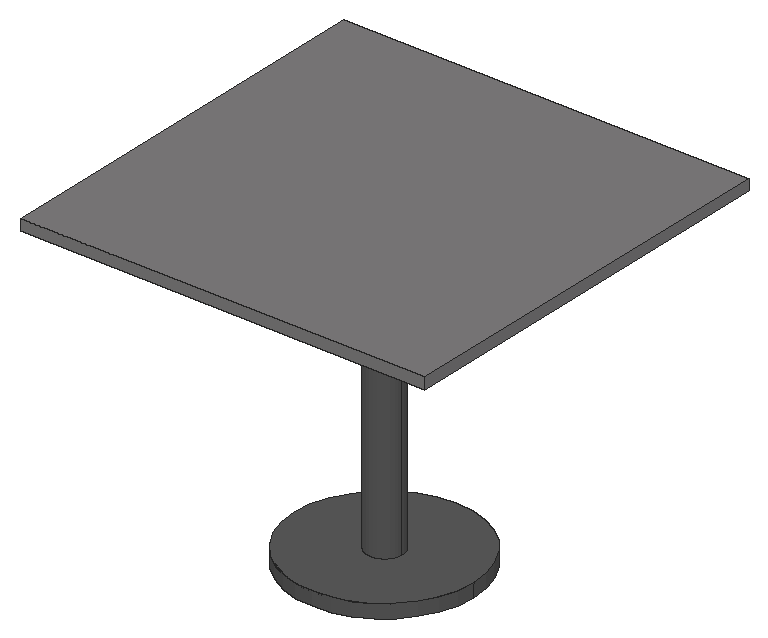
Revit family "Mesa Cuadrada MAACH", category Mobiliario, Revit 2024
Family settings
  Número OmniClass = 23.40.20.00
  Título OmniClass = General Furniture and Specialties
  Se basa en plano de trabajo = No
  Activar corte en vistas = No
  Siempre vertical = Sí
  Corte con vacíos al cargar = No
  Origen de apariencia de renderización = Geometría de familia
  Compartido = No
  Punto de cálculo de habitación = No
Parameters
  MELAMINA = Melamina plomo
  Parámetro sigem = ""
  PINTURA = Pintura negra
  Elevación por defecto = 0 mm
Reference planes
  plane 1 "Centro (Frontal/Posterior)": y = 0
  plane 2: z = 0
  plane 3 "Centro (Izquierda/Derecha)": x = 0
Forms (mm)
  Extrusion 1, solid, material "Melamina plomo" <- "MELAMINA"
    sketch origin (-171.585, -69.972, 0) x (1, 0, 0) y (0, 1, 0)
      loop
        line (621.585, 519.972) -> (-278.415, 519.972) -> (-278.415, -380.028) -> (621.585, -380.028) -> (621.585, 519.972)
    from 700 to 725
  Extrusion 2, solid, material "Pintura negra" <- "PINTURA"
    sketch origin (0, 0, 0) x (1, 0, 0) y (0, 1, 0)
      loop
        circle (0, 0) r 200
    from 0 to 30
  Extrusion 3, solid, material "Pintura negra" <- "PINTURA"
    sketch origin (0, 0, 0) x (1, 0, 0) y (0, 1, 0)
      loop
        circle (0, 0) r 40
    from 0 to 700
Dimensions and locks
  Extrusion 1 to level = 725 mm
  aligned and locked: level to plane 2
